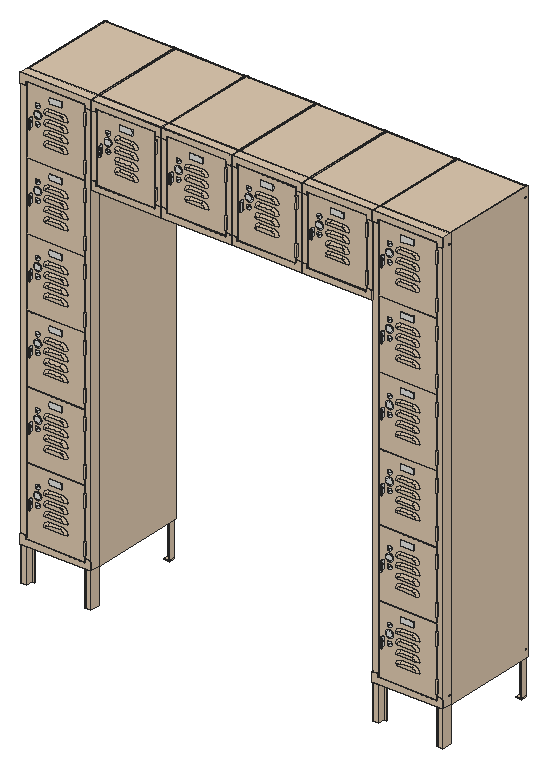
Revit family "Metal_Lockers-Salsbury_Industries-66000_Series-Bridge_Unit", category Specialty Equipment, Revit 2016 (continued)
Definition of nested family "Metal Locker Front Base"
  Parameters (values of type "77742 - for 12" W Lockers with Legs")
    Manufacturer = "Salsbury Industries"
    Description = "Front Base for 12\" Wide Lockers"
    Depth = 1.185"
    Height = 6.000"
    Assembly Code = ""
  Types (3): name | Width | Visible | Model | Description
    77742 - for 12" W Lockers with Legs | 10.040" | yes | "77742" | "Front Base for 12\" Wide Lockers"
    77745 - for 15" W Lockers with Legs | 13.040" | yes | "77745" | "Front Base for 15\" Wide Lockers"
    None | 10.040" | no | "77742" | "Front Base for 12\" Wide Lockers"
  Reference planes (in)
    plane 1 "Center (Front/Back)": y = -5.417
    plane 2: z = 0
    plane 3 "Center (Left/Right)": x = 0
    plane 4 "Floor": z = 0
    plane 5 "Top of Enclosure": z = 6
    plane 6 "Front of Enclosure": y = -6.005
    plane 7 "Right Side of Enclosure": x = 5.02
    plane 8 "Left Side of Enclosure": x = -5.02
    plane 9 "Back of Enclosure": y = -4.82
  Forms (in)
    Extrusion 1, solid, material <- "Primary Structure Material", visible <- "Visible"
      sketch origin (0, -6.005, 0) x (1, 0, 0) y (0, 0, 1)
        loop
          line (-5.02, 6) -> (-5.02, 0) -> (5.02, 0) -> (5.02, 6) -> (-5.02, 6)
      from -0.06 to 0
    Extrusion 2, solid, material <- "Primary Structure Material", visible <- "Visible"
      sketch origin (0, 0, 0) x (0, 1, 0) y (0, 0, 1)
        loop
          line (-5.945, 6) -> (-5.945, 5.94) -> (-4.82, 5.94) -> (-4.82, 6) -> (-5.945, 6)
      from -5.02 to 5.02
    Extrusion 3, solid, material <- "Primary Structure Material", visible <- "Visible"
      sketch origin (5.02, 0, 0) x (0, 0, -1) y (0, -1, 0)
        loop
          line (-5.75, 5.945) -> (-5.75, 4.82) -> (-0.25, 4.82) -> (-0.25, 5.945) -> (-5.75, 5.945)
      from 0 to 0.06
    Extrusion 4, solid, material <- "Primary Structure Material", visible <- "Visible"
      sketch origin (-5.02, 0, 0) x (0, 0, -1) y (0, -1, 0)
        loop
          line (-5.75, 5.945) -> (-5.75, 4.82) -> (-0.25, 4.82) -> (-0.25, 5.945) -> (-5.75, 5.945)
      from 0 to -0.06
  Dimensions and locks (in)
    "Height": plane 5 "Top of Enclosure" to plane 4 "Floor"
    plane 6 "Front of Enclosure" to plane 1 "Center (Front/Back)" = 0.588"
    "Depth": plane 6 "Front of Enclosure" to plane 9 "Back of Enclosure"
    equal spacing: plane 8 "Left Side of Enclosure", plane 3 "Center (Left/Right)", plane 7 "Right Side of Enclosure"
    "Width": plane 8 "Left Side of Enclosure" to plane 7 "Right Side of Enclosure"
    aligned and locked: level to plane 2
    aligned and locked: plane 8 "Left Side of Enclosure" to Extrusion 2
    aligned and locked: Extrusion 2 to plane 7 "Right Side of Enclosure"
    aligned and locked: Extrusion 1 to plane 7 "Right Side of Enclosure"
  Automatic sketch dimensions
    Extrusion 1 sketch curve to Extrusion 1 sketch curve = 10.040"
    Extrusion 1 sketch curve to Extrusion 1 sketch curve = 6.000"
    Extrusion 2 sketch curve to Extrusion 2 sketch curve = 1.125"
    Extrusion 2 sketch curve to Extrusion 2 sketch curve = 0.060"
    Extrusion 3 sketch curve to Extrusion 3 sketch curve = 5.500"
    Extrusion 3 sketch curve to Extrusion 3 sketch curve = 1.125"
    Extrusion 4 sketch curve to Extrusion 4 sketch curve = 5.500"
    Extrusion 4 sketch curve to Extrusion 4 sketch curve = 1.125"
    Extrusion 1 sketch curve to level = 0.000"
    plane 8 "Left Side of Enclosure" to Extrusion 1 sketch curve = 0.000"
    plane 5 "Top of Enclosure" to Extrusion 2 sketch curve = 0.000"
    Extrusion 2 sketch curve to plane 9 "Back of Enclosure" = 0.000"
    Extrusion 3 sketch curve to plane 9 "Back of Enclosure" = 0.000"
    plane 5 "Top of Enclosure" to Extrusion 3 sketch curve = 0.250"
    Extrusion 4 sketch curve to plane 9 "Back of Enclosure" = 0.000"
    plane 5 "Top of Enclosure" to Extrusion 4 sketch curve = 0.250"
Definition of nested family "Metal Locker Right Side Base"
  Parameters (values of type "77732 Right - for 12" D Lockers with Legs")
    Width including Rivet [instance] = 1.290"
    Visible = yes
    Primary Structure Material = none
    Depth = 10.422"
    Version = "1.0 (11/30/15)"
    Type Comments = "End Base for Standard Metal Lockers"
    Model = "77732"
    MasterFormat Title = ""
    MasterFormat Number = ""
    Manufacturer = "Salsbury Industries"
    Description = "1.25\"W x 6\" H x 10\"D"
    Width = 1.250"
    Height = 6.000"
    Assembly Code = ""
  Types (4): name | Visible | Depth | Model | Description
    77732 Right - for 12" D Lockers with Legs | yes | 10.422" | "77732" | "1.25\"W x 6\" H x 10\"D"
    77735 Right - for 15" D Lockers with Legs | yes | 13.422" | "77735" | "1.25\"W x 6\" H x 13\"D"
    77738 Right - for 18" D Lockers with Legs | yes | 16.422" | "77738" | "1.25\"W x 6\" H x 16\"D"
    None | no | 10.422" | "" | ""
  Reference planes (in)
    plane 1 "Center (Front/Back)": y = 0
    plane 2: z = 0
    plane 3 "Center (Left/Right)": x = 5.395
    plane 4 "Floor": z = 0
    plane 5 "Top of Enclosure": z = 6
    plane 6 "Left Side of Unit": x = 4.77
    plane 7 "Right Side of Unit": x = 6.02
    plane 8 "Left Edge of Enclosure": y = -5.211
    plane 9 "Right Edge of Enclosure": y = 5.211
    plane 10 "Left Edge of Insert": y = -6.27647
    plane 11 "Right Edge of Insert": y = -5.15147
    plane 12 "Rivet Edge": x = 6.06
  Forms (in)
    Extrusion 1, solid, material <- "Primary Structure Material", visible <- "Visible"
      sketch origin (6.02, 0, 0) x (0, 0, -1) y (0, -1, 0)
        loop
          line (-6, 5.211) -> (-6, -5.211) -> (0, -5.211) -> (0, 5.211) -> (-6, 5.211)
      from 0 to 0.06
    Extrusion 2, solid, material <- "Primary Structure Material", visible <- "Visible"
      sketch origin (0, 0, 6) x (0, -1, 0) y (1, 0, 0)
        loop
          line (5.15147, 5.96) -> (5.15147, 5.9) -> (6.27647, 5.9) -> (6.27647, 5.96) -> (5.15147, 5.96)
      from -6 to 0
    Extrusion 3, solid, material <- "Primary Structure Material", visible <- "Visible"
      sketch origin (6.02, 0, 0) x (0, 0, -1) y (0, -1, 0)
        loop
          line (-6, 4.90147) -> (-6, -3.961) -> (-5.94, -3.961) -> (-5.94, 4.90147) -> (-6, 4.90147)
      from 0.06 to 1.25
    Extrusion 4, solid, material <- "Primary Structure Material", visible <- "Visible"
      sketch origin (6.02, 0, -5.94) x (0, 0, -1) y (0, -1, 0)
        loop
          line (-6, 4.90147) -> (-6, -3.961) -> (-5.94, -3.961) -> (-5.94, 4.90147) -> (-6, 4.90147)
      from 0.06 to 1.25
  Dimensions and locks (in)
    "Height": plane 5 "Top of Enclosure" to plane 4 "Floor"
    plane 10 "Left Edge of Insert" to plane 8 "Left Edge of Enclosure" to plane 11 "Right Edge of Insert" = 1.06547" locked, 0.05953" locked
    equal spacing: plane 8 "Left Edge of Enclosure", plane 1 "Center (Front/Back)", plane 9 "Right Edge of Enclosure"
    "Depth": plane 8 "Left Edge of Enclosure" to plane 9 "Right Edge of Enclosure"
    equal spacing: plane 6 "Left Side of Unit", plane 3 "Center (Left/Right)", plane 7 "Right Side of Unit"
    "Width": plane 6 "Left Side of Unit" to plane 7 "Right Side of Unit"
    locked: plane 7 "Right Side of Unit" to plane 12 "Rivet Edge" at 0.04
    "Width including Rivet": plane 6 "Left Side of Unit" to plane 12 "Rivet Edge"
    aligned and locked: level to plane 2
    aligned and locked: plane 11 "Right Edge of Insert" to Extrusion 2
    aligned and locked: plane 10 "Left Edge of Insert" to Extrusion 2
    aligned and locked: Extrusion 3 to Extrusion 1
    aligned and locked: plane 6 "Left Side of Unit" to Extrusion 3
  Automatic sketch dimensions
    plane 5 "Top of Enclosure" to Extrusion 1 sketch curve = 0.000"
    Extrusion 1 sketch curve to level = 0.000"
    Extrusion 2 sketch curve to plane 8 "Left Edge of Enclosure" = 0.05953"
    plane 7 "Right Side of Unit" to Extrusion 2 sketch curve = 0.120"
    Extrusion 2 sketch curve to Extrusion 2 sketch curve = 0.060"
    Extrusion 1 sketch curve to plane 8 "Left Edge of Enclosure" = 0.000"
    Extrusion 1 sketch curve to plane 9 "Right Edge of Enclosure" = 0.000"
    plane 10 "Left Edge of Insert" to Extrusion 2 sketch curve = 0.000"
    plane 5 "Top of Enclosure" to Extrusion 3 sketch curve = 0.000"
    Extrusion 3 sketch curve to Extrusion 3 sketch curve = 0.060"
    plane 9 "Right Edge of Enclosure" to Extrusion 3 sketch curve = 1.250"
    Extrusion 3 sketch curve to plane 11 "Right Edge of Insert" = 0.250"
    Extrusion 4 sketch curve to level = 0.000"
    level to Extrusion 4 sketch curve = 0.060"
    plane 9 "Right Edge of Enclosure" to Extrusion 4 sketch curve = 1.250"
    Extrusion 4 sketch curve to plane 11 "Right Edge of Insert" = 0.250"
Definition of nested family "Metal Locker Left Side Base"
  Parameters (values of type "77732 Left - for 12" D Lockers with Legs")
    Width including Rivet [instance] = 1.290"
    Visible = yes
    Primary Structure Material = none
    Depth = 10.422"
    Version = "1.0 (11/30/15)"
    Type Comments = "End Base for Standard Metal Lockers"
    Model = "77732"
    MasterFormat Title = ""
    MasterFormat Number = ""
    Manufacturer = "Salsbury Industries"
    Description = "1.25\"W x 6\" H x 10\"D"
    Width = 1.250"
    Height = 6.000"
    Assembly Code = ""
  Types (4): name | Visible | Depth | Model | Description
    77732 Left - for 12" D Lockers with Legs | yes | 10.422" | "77732" | "1.25\"W x 6\" H x 10\"D"
    77735 Left - for 15" D Lockers with Legs | yes | 13.422" | "77735" | "1.25\"W x 6\" H x 13\"D"
    77738 Left - for 18" D Lockers with Legs | yes | 16.422" | "77738" | "1.25\"W x 6\" H x 16\"D"
    None | no | 10.422" | "" | ""
  Reference planes (in)
    plane 1 "Center (Front/Back)": y = 0
    plane 2: z = 0
    plane 3 "Center (Left/Right)": x = 5.395
    plane 4 "Floor": z = 0
    plane 5 "Top of Enclosure": z = 6
    plane 6 "Left Side of Unit": x = 4.77
    plane 7 "Right Side of Unit": x = 6.02
    plane 8 "Left Edge of Enclosure": y = -5.211
    plane 9 "Right Edge of Enclosure": y = 5.211
    plane 10 "Left Edge of Insert": y = -6.27647
    plane 11 "Right Edge of Insert": y = -5.15147
    plane 12 "Edge of Rivet": x = 4.73
  Forms (in)
    Extrusion 1, solid, material <- "Primary Structure Material", visible <- "Visible"
      sketch origin (6.02, 0, 0) x (0, 0, -1) y (0, -1, 0)
        loop
          line (-6, 4.90147) -> (-6, -3.961) -> (-5.94, -3.961) -> (-5.94, 4.90147) -> (-6, 4.90147)
      from 0 to 1.19
    Extrusion 2, solid, material <- "Primary Structure Material", visible <- "Visible"
      sketch origin (6.02, 0, -5.94) x (0, 0, -1) y (0, -1, 0)
        loop
          line (-6, 4.90147) -> (-6, -3.961) -> (-5.94, -3.961) -> (-5.94, 4.90147) -> (-6, 4.90147)
      from 0 to 1.19
    Extrusion 3, solid, material <- "Primary Structure Material", visible <- "Visible"
      sketch origin (4.77, 0, 0) x (0, 0, -1) y (0, 1, 0)
        loop
          line (-6, -5.211) -> (0, -5.211) -> (0, 5.211) -> (-6, 5.211) -> (-6, -5.211)
      from 0 to 0.06
    Extrusion 4, solid, material <- "Primary Structure Material", visible <- "Visible"
      sketch origin (10.79, 0, 6) x (0, -1, 0) y (1, 0, 0)
        loop
          line (5.15147, -5.96) -> (6.27647, -5.96) -> (6.27647, -5.9) -> (5.15147, -5.9) -> (5.15147, -5.96)
      from -6 to 0
  Dimensions and locks (in)
    "Height": plane 5 "Top of Enclosure" to plane 4 "Floor"
    plane 10 "Left Edge of Insert" to plane 8 "Left Edge of Enclosure" to plane 11 "Right Edge of Insert" = 1.06547" locked, 0.05953" locked
    equal spacing: plane 8 "Left Edge of Enclosure", plane 1 "Center (Front/Back)", plane 9 "Right Edge of Enclosure"
    "Depth": plane 8 "Left Edge of Enclosure" to plane 9 "Right Edge of Enclosure"
    equal spacing: plane 6 "Left Side of Unit", plane 3 "Center (Left/Right)", plane 7 "Right Side of Unit"
    "Width": plane 6 "Left Side of Unit" to plane 7 "Right Side of Unit"
    "Width including Rivet": plane 12 "Edge of Rivet" to plane 7 "Right Side of Unit"
    plane 12 "Edge of Rivet" to plane 6 "Left Side of Unit" = 0.040"
    aligned and locked: level to plane 2
    aligned and locked: Extrusion 1 to Extrusion 3
    aligned and locked: Extrusion 2 to Extrusion 3
  Automatic sketch dimensions
    plane 5 "Top of Enclosure" to Extrusion 1 sketch curve = 0.000"
    Extrusion 1 sketch curve to Extrusion 1 sketch curve = 0.060"
    plane 9 "Right Edge of Enclosure" to Extrusion 1 sketch curve = 1.250"
    Extrusion 1 sketch curve to plane 11 "Right Edge of Insert" = 0.250"
    Extrusion 2 sketch curve to level = 0.000"
    level to Extrusion 2 sketch curve = 0.060"
    plane 9 "Right Edge of Enclosure" to Extrusion 2 sketch curve = 1.250"
    Extrusion 2 sketch curve to plane 11 "Right Edge of Insert" = 0.250"
    plane 5 "Top of Enclosure" to Extrusion 3 sketch curve = 0.000"
    Extrusion 3 sketch curve to level = 0.000"
    Extrusion 3 sketch curve to plane 8 "Left Edge of Enclosure" = 0.000"
    Extrusion 3 sketch curve to plane 9 "Right Edge of Enclosure" = 0.000"
    plane 11 "Right Edge of Insert" to Extrusion 4 sketch curve = 0.000"
    plane 10 "Left Edge of Insert" to Extrusion 4 sketch curve = 0.000"
    plane 6 "Left Side of Unit" to Extrusion 4 sketch curve = 0.120"
    Extrusion 4 sketch curve to Extrusion 4 sketch curve = 0.060"
Definition of nested family "Metal Locker End Panel"
  Parameters (values of type "77362 - for 6' H x 12" D Lockers")
    Width = 0.925"
    Visible = yes
    Version = "1.0 (11/30/15)"
    Type Comments = "Finished End Panel for Standard Metal Lockers"
    Primary Structure Material = none
    Model = "77362"
    MasterFormat Title = ""
    MasterFormat Number = ""
    Manufacturer = "Salsbury Industries"
    Height = 72.000"
    Description = "End Panel for 6' H x 12\" Deep Lockers"
    Depth = 12.010"
    Assembly Code = ""
  Types (7): name | Visible | Model | Height | Description | Depth
    77362 - for 6' H x 12" D Lockers | yes | "77362" | 72.000" | "End Panel for 6' H x 12\" Deep Lockers" | 12.010"
    77365 - for 6' H x 15" D Lockers | yes | "77365" | 72.000" | "End Panel for 6' H x 15\" Deep Lockers" | 15.010"
    77368 - for 6' H X 18" D Lockers | yes | "77368" | 72.000" | "End Panel for 6' H x 18\" Deep Lockers" | 18.010"
    77352 - for 5' H x 12" D Lockers | yes | "77352" | 60.000" | "End Panel for 5' H x 12\" Deep Lockers" | 12.010"
    77355 - for 5' H x 15" D Lockers | yes | "77355" | 60.000" | "End Panel for 5' H x 15\" Deep Lockers" | 15.010"
    77358 - for 5' H x 18" D Lockers | yes | "77358" | 60.000" | "End Panel for 5' H x 18\" Deep Lockers" | 18.010"
    None | no | "n/a" | 72.000" | "" | 12.010"
  Reference planes (in)
    plane 1 "Center (Front/Back)": y = -2.167
    plane 2: z = 0
    plane 3 "Center (Left/Right)": x = -4.595
    plane 4 "Bottom of Panel": z = 0
    plane 5 "Top of Panel": z = 72
    plane 6 "Front of Panel": y = -8.172
    plane 7 "Right Side of Enclosure": x = -4.1325
    plane 8 "Left Side of Enclosure": x = -5.0575
    plane 9 "Back of Panel": y = 3.838
    plane 10: z = 36
    plane 11: z = 70.283
    plane 12: z = 1.717
    plane 13 "Outside Edge of Front Flap": y = -8.23214
    plane 14 "Outside Edge of Back Flap": y = 3.898
  Forms (in)
    Extrusion 1, solid, material <- "Primary Structure Material", visible <- "Visible"
      sketch origin (-4.1325, 0.48244, 0) x (0, 0, -1) y (0, -1, 0)
        loop
          line (-72, 8.71458) -> (-72, -3.41556) -> (0, -3.41556) -> (0, 8.71458) -> (-72, 8.71458)
      from 0 to -0.06
    Extrusion 2, solid, material <- "Primary Structure Material", visible <- "Visible"
      sketch origin (0, 3.838, 0) x (0, 0, -1) y (1, 0, 0)
        loop
          line (-72, -5.0575) -> (0, -5.0575) -> (0, -4.1325) -> (-72, -4.1325) -> (-72, -5.0575)
      from 0 to -0.06
    Extrusion 3, solid, material <- "Primary Structure Material", visible <- "Visible"
      sketch origin (0, -8.172, 0) x (1, 0, 0) y (0, 0, 1)
        loop
          line (-5.0575, 70.283) -> (-5.0575, 1.717) -> (-4.1325, 1.717) -> (-4.1325, 70.283) -> (-5.0575, 70.283)
      from 0.06014 to 0
  Dimensions and locks (in)
    equal spacing: plane 6 "Front of Panel", plane 1 "Center (Front/Back)", plane 9 "Back of Panel"
    "Depth": plane 6 "Front of Panel" to plane 9 "Back of Panel"
    equal spacing: plane 8 "Left Side of Enclosure", plane 3 "Center (Left/Right)", plane 7 "Right Side of Enclosure"
    "Width": plane 8 "Left Side of Enclosure" to plane 7 "Right Side of Enclosure"
    equal spacing: plane 5 "Top of Panel", plane 10, plane 2
    "Height": plane 5 "Top of Panel" to plane 2
    locked: plane 5 "Top of Panel" to plane 11 at 1.717
    locked: plane 13 "Outside Edge of Front Flap" to plane 6 "Front of Panel" at 0.06014
    locked: plane 9 "Back of Panel" to plane 14 "Outside Edge of Back Flap" at 0.06
    aligned and locked: level to plane 2
    aligned and locked: plane 5 "Top of Panel" to Extrusion 1 sketch curve
    aligned and locked: plane 5 "Top of Panel" to Extrusion 2 sketch curve
    aligned and locked: Extrusion 2 to plane 9 "Back of Panel"
    aligned and locked: plane 11 to Extrusion 3 sketch curve
    aligned and locked: plane 6 "Front of Panel" to Extrusion 3
    aligned and locked: plane 14 "Outside Edge of Back Flap" to Extrusion 2
    aligned and locked: Extrusion 1 to plane 14 "Outside Edge of Back Flap"
    aligned and locked: plane 13 "Outside Edge of Front Flap" to Extrusion 3
    aligned and locked: Extrusion 2 to plane 7 "Right Side of Enclosure"
    aligned and locked: Extrusion 3 to plane 7 "Right Side of Enclosure"
  Automatic sketch dimensions
    Extrusion 1 sketch curve to level = 0.000"
    Extrusion 2 sketch curve to level = 0.000"
    plane 8 "Left Side of Enclosure" to Extrusion 2 sketch curve = 0.000"
    plane 7 "Right Side of Enclosure" to Extrusion 2 sketch curve = 0.000"
    plane 8 "Left Side of Enclosure" to Extrusion 3 sketch curve = 0.000"
    Extrusion 3 sketch curve to plane 12 = 0.000"
    plane 7 "Right Side of Enclosure" to Extrusion 3 sketch curve = 0.000"
    Extrusion 1 sketch curve to plane 14 "Outside Edge of Back Flap" = 0.000"
    plane 6 "Front of Panel" to Extrusion 1 sketch curve = 0.06014"
Definition of nested family "Metal Locker Front Filler"
  Parameters (values of type "77869 - for 6' H Lockers (Zee Base or No Legs)")
    Width = 9.000"
    Visible = yes
    Version = "1.0 (11/30/15)"
    Type Comments = "Vertical Front Filler for Standard Metal Lockers"
    Primary Structure Material = none
    Model = "77865"
    MasterFormat Title = ""
    MasterFormat Number = ""
    Manufacturer = "Salsbury Industries"
    Height = 72.000"
    Description = "9\" W Vertical Front Filler for 6' H Lockers"
    Depth = 1.500"
    Assembly Code = ""
  Types (9): name | Width | Visible | Model | Height | Description | Depth
    77865 - for 6' H Lockers with Legs | 15.000" | yes | "77865" | 78.000" | "15\" W Vertical Front Filler for 6' H Lockers" | 1.000"
    77869 - for 6' H Lockers with Legs | 9.000" | yes | "77865" | 78.000" | "9\" W Vertical Front Filler for 6' H Lockers" | 1.000"
    77855 - for 5' H Lockers with Legs | 15.000" | yes | "77855" | 66.000" | "15\" W Vertical Front Filler for 5' H Lockers" | 1.000"
    77859 - for 5' H Lockers with Legs | 9.000" | yes | "77859" | 66.000" | "9\" W Vertical Front Filler for 5' H Lockers" | 1.000"
    None | 15.000" | no | "n/a" | 78.000" | "" | 1.500"
    77865 - for 6' H Lockers (Zee Base or No Legs) | 15.000" | yes | "77865" | 72.000" | "15\" W Vertical Front Filler for 6' H Lockers" | 1.000"
    77869 - for 6' H Lockers (Zee Base or No Legs) | 9.000" | yes | "77865" | 72.000" | "9\" W Vertical Front Filler for 6' H Lockers" | 1.500"
    77859 - for 5' H Lockers (Zee Base or No Legs) | 9.000" | yes | "77859" | 60.000" | "9\" W Vertical Front Filler for 5' H Lockers" | 1.000"
    77855 - for 5' H Lockers (Zee Base or No Legs) | 15.000" | yes | "77855" | 60.000" | "15\" W Vertical Front Filler for 5' H Lockers" | 1.000"
  Reference planes (in)
    plane 1 "Center (Front/Back)": y = -2.167
    plane 2: z = 0
    plane 3 "Center (Left/Right)": x = -4.595
    plane 4 "Bottom of Filler": z = 0
    plane 5 "Top of Panel": z = 72
    plane 6 "Front of Filler": y = -2.917
    plane 7 "Right Side of Filler": x = -0.095
    plane 8 "Left Side of Filler": x = -9.095
    plane 9 "Back of Filler": y = -1.417
    plane 10: z = 36
  Forms (in)
    Extrusion 1, solid, material <- "Primary Structure Material", visible <- "Visible"
      sketch origin (0, 0, 0) x (0, -1, 0) y (1, 0, 0)
        loop
          line (1.417, -9.095) -> (2.917, -9.095) -> (2.917, -1.095) -> (2.869, -1.095) -> (2.869, -9.047) -> (1.417, -9.047) -> (1.417, -9.095)
      from 0 to 72
    Extrusion 2, solid, material <- "Primary Structure Material", visible <- "Visible"
      sketch origin (0, -0.20425, 0) x (0, -1, 0) y (1, 0, 0)
        loop
          line (1.30875, -0.095) -> (1.30875, -0.143) -> (2.76075, -0.143) -> (2.76075, -1.595) -> (2.80875, -1.595) -> (2.80875, -0.095) -> (1.30875, -0.095)
      from 0 to 72
    Extrusion 3, solid, material <- "Primary Structure Material", visible <- "Visible"
      sketch origin (0, 0.10825, 0) x (0, -1, 0) y (1, 0, 0)
        loop
          line (3.07325, -1.595) -> (3.07325, -0.82524) -> (3.02525, -0.82524) -> (3.02525, -1.376) -> (3.02525, -1.449) -> (3.02525, -1.522) -> (3.02525, -1.595) -> (3.07325, -1.595)
      from 0 to 72
    Extrusion 4, solid, material <- "Primary Structure Material", visible <- "Visible"
      sketch origin (0, 0, 0) x (0, -1, 0) y (1, 0, 0)
        loop
          line (2.917, -0.82524) -> (2.821, -0.82524) -> (2.821, -1.80024) -> (2.869, -1.80024) -> (2.869, -0.87324) -> (2.917, -0.87324) -> (2.917, -0.82524)
      from 0 to 72
  Dimensions and locks (in)
    equal spacing: plane 6 "Front of Filler", plane 1 "Center (Front/Back)", plane 9 "Back of Filler"
    "Depth": plane 6 "Front of Filler" to plane 9 "Back of Filler"
    equal spacing: plane 8 "Left Side of Filler", plane 3 "Center (Left/Right)", plane 7 "Right Side of Filler"
    "Width": plane 8 "Left Side of Filler" to plane 7 "Right Side of Filler"
    equal spacing: plane 5 "Top of Panel", plane 10, plane 2
    "Height": plane 5 "Top of Panel" to plane 2
    aligned and locked: level to plane 2
    aligned and locked: Extrusion 1 to plane 5 "Top of Panel"
    aligned and locked: Extrusion 2 to plane 5 "Top of Panel"
    aligned and locked: Extrusion 3 to plane 5 "Top of Panel"
    aligned and locked: Extrusion 4 to plane 5 "Top of Panel"
  Automatic sketch dimensions
    plane 9 "Back of Filler" to Extrusion 1 sketch curve = 0.000"
    plane 6 "Front of Filler" to Extrusion 1 sketch curve = 0.000"
    Extrusion 1 sketch curve to plane 8 "Left Side of Filler" = 0.000"
    Extrusion 1 sketch curve to plane 6 "Front of Filler" = 0.048"
    Extrusion 1 sketch curve to Extrusion 1 sketch curve = 0.048"
    plane 7 "Right Side of Filler" to Extrusion 1 sketch curve = 1.000"
    Extrusion 2 sketch curve to plane 7 "Right Side of Filler" = 0.000"
    plane 7 "Right Side of Filler" to Extrusion 2 sketch curve = 0.048"
    plane 9 "Back of Filler" to Extrusion 2 sketch curve = 0.096"
    plane 6 "Front of Filler" to Extrusion 2 sketch curve = 0.048"
    Extrusion 2 sketch curve to Extrusion 2 sketch curve = 0.048"
    Extrusion 2 sketch curve to Extrusion 2 sketch curve = 1.452"
    plane 6 "Front of Filler" to Extrusion 3 sketch curve = 0.000"
    plane 7 "Right Side of Filler" to Extrusion 3 sketch curve = 1.500"
    Extrusion 3 sketch curve to Extrusion 3 sketch curve = 0.073"  (x3)
    Extrusion 3 sketch curve to Extrusion 3 sketch curve = 0.55076"
    Extrusion 3 sketch curve to Extrusion 3 sketch curve = 0.048"
    plane 6 "Front of Filler" to Extrusion 4 sketch curve = 0.000"
    Extrusion 4 sketch curve to plane 6 "Front of Filler" = 0.048"
    Extrusion 4 sketch curve to Extrusion 4 sketch curve = 0.048"  (x2)
    plane 7 "Right Side of Filler" to Extrusion 4 sketch curve = 1.70524"
    plane 7 "Right Side of Filler" to Extrusion 4 sketch curve = 0.77824"
Definition of nested family "Metal Locker Flat Top Filler"
  Parameters (values of type "77842 - for 12" Deep Lockers (15" W)")
    Width = 16.250"
    Visible = yes
    Version = "1.0 (11/30/15)"
    Type Comments = "Flat Top Filler for Standard Metal Lockers"
    Primary Structure Material = none
    Model = "77842"
    MasterFormat Title = ""
    MasterFormat Number = ""
    Manufacturer = "Salsbury Industries"
    Height = 1.003"
    Description = "15\"W Flat Top In-Line Filler"
    Depth = 12.118"
    Assembly Code = ""
  Types (7): name | Width | Visible | Model | Depth
    77842 - for 12" Deep Lockers (15" W) | 16.250" | yes | "77842" | 12.118"
    77842 - for 12" Deep Lockers (9" W) | 10.250" | yes | "77842" | 12.118"
    77845 - for 15" Deep Lockers (15" W) | 16.250" | yes | "77845" | 15.118"
    77845 - for 15" Deep Lockers (9" W) | 10.250" | yes | "77845" | 15.118"
    77848 - for 18" Deep Lockers (15" W) | 16.250" | yes | "77848" | 18.118"
    77848 - for 18" Deep Lockers (9" W) | 10.250" | yes | "77848" | 18.118"
    None | 16.250" | no | "" | 12.118"
  Reference planes (in)
    plane 1 "Center (Front/Back)": y = -2.167
    plane 2: z = 0
    plane 3 "Center (Left/Right)": x = -4.595
    plane 4 "Bottom of Panel": z = 0
    plane 5 "Top of Panel": z = 1.003
    plane 6 "Front of Panel": y = -8.226
    plane 7 "Right Side of Enclosure": x = 3.53
    plane 8 "Left Side of Enclosure": x = -12.72
    plane 9 "Back of Panel": y = 3.892
    plane 10: z = 0.5015
  Forms (in)
    Extrusion 1, solid, material <- "Primary Structure Material", visible <- "Visible"
      sketch origin (-4.595, 0, 0) x (0, 1, 0) y (0, 0, 1)
        loop
          line (-8.226, 0) -> (-8.178, 0) -> (-8.178, 0.955) -> (3.892, 0.955) -> (3.892, 1.003) -> (-8.226, 1.003) -> (-8.226, 0)
      from -8.125 to 8.125
  Dimensions and locks (in)
    equal spacing: plane 6 "Front of Panel", plane 1 "Center (Front/Back)", plane 9 "Back of Panel"
    "Depth": plane 6 "Front of Panel" to plane 9 "Back of Panel"
    equal spacing: plane 8 "Left Side of Enclosure", plane 3 "Center (Left/Right)", plane 7 "Right Side of Enclosure"
    "Width": plane 8 "Left Side of Enclosure" to plane 7 "Right Side of Enclosure"
    equal spacing: plane 5 "Top of Panel", plane 10, plane 2
    "Height": plane 5 "Top of Panel" to plane 2
    aligned and locked: level to plane 2
    aligned and locked: Extrusion 1 to plane 7 "Right Side of Enclosure"
    aligned and locked: plane 8 "Left Side of Enclosure" to Extrusion 1
    aligned and locked: plane 6 "Front of Panel" to Extrusion 1
    aligned and locked: Extrusion 1 to plane 9 "Back of Panel"
  Automatic sketch dimensions
    plane 5 "Top of Panel" to Extrusion 1 sketch curve = 0.000"
    Extrusion 1 sketch curve to plane 6 "Front of Panel" = 0.000"
    Extrusion 1 sketch curve to level = 0.000"
    Extrusion 1 sketch curve to plane 9 "Back of Panel" = 0.000"
    Extrusion 1 sketch curve to plane 6 "Front of Panel" = 0.048"
    plane 5 "Top of Panel" to Extrusion 1 sketch curve = 0.048"
Definition of nested family "Metal Locker Flat Corner Filler"
  Parameters (values of type "77832 - for 12" Deep Lockers")
    Width = 12.625"
    Visible = yes
    Version = "1.0 (11/30/15)"
    Type Comments = "Flat Top Corner Filler for Standard Metal Lockers"
    Primary Structure Material = none
    Model = "77832"
    MasterFormat Title = ""
    MasterFormat Number = ""
    Manufacturer = "Salsbury Industries"
    Height = 0.048"
    Description = "12\"W Flat Top Corner Filler"
    Depth = 12.625"
    Assembly Code = ""
  Types (4): name | Width | Visible | Model | Description | Depth
    77832 - for 12" Deep Lockers | 12.625" | yes | "77832" | "12\"W Flat Top Corner Filler" | 12.625"
    77835 - for 15" Deep Lockers | 15.625" | yes | "77835" | "15\"W Flat Top Corner Filler" | 15.625"
    77838 - for 18" Deep Lockers | 18.625" | yes | "77838" | "18\"W Flat Top Corner Filler" | 18.625"
    None | 12.625" | no | "" | "" | 12.625"
  Reference planes (in)
    plane 1 "Center (Front/Back)": y = -2.167
    plane 2: z = 0
    plane 3 "Center (Left/Right)": x = -4.595
    plane 4 "Bottom of Panel": z = 0
    plane 5 "Top of Panel": z = 0.048
    plane 6 "Front of Panel": y = -8.4795
    plane 7 "Right Side of Enclosure": x = 1.7175
    plane 8 "Left Side of Enclosure": x = -10.9075
    plane 9 "Back of Panel": y = 4.1455
    plane 10: z = 0.024
  Forms (in)
    Extrusion 1, solid, material <- "Primary Structure Material", visible <- "Visible"
      sketch origin (0, 0, 0) x (0, -1, 0) y (1, 0, 0)
        loop
          line (7.8545, -10.9075) -> (7.8545, -10.2825) -> (8.4795, -10.2825) -> (8.4795, 1.7175) -> (-4.1455, 1.7175) -> (-4.1455, -10.9075) -> (7.8545, -10.9075)
      from 0 to 0.048
  Dimensions and locks (in)
    equal spacing: plane 6 "Front of Panel", plane 1 "Center (Front/Back)", plane 9 "Back of Panel"
    "Depth": plane 6 "Front of Panel" to plane 9 "Back of Panel"
    equal spacing: plane 8 "Left Side of Enclosure", plane 3 "Center (Left/Right)", plane 7 "Right Side of Enclosure"
    "Width": plane 8 "Left Side of Enclosure" to plane 7 "Right Side of Enclosure"
    equal spacing: plane 5 "Top of Panel", plane 10, plane 2
    "Height": plane 5 "Top of Panel" to plane 2
    aligned and locked: level to plane 2
    aligned and locked: Extrusion 1 to plane 9 "Back of Panel"
    aligned and locked: plane 6 "Front of Panel" to Extrusion 1
    aligned and locked: Extrusion 1 to plane 7 "Right Side of Enclosure"
    aligned and locked: plane 8 "Left Side of Enclosure" to Extrusion 1
  Automatic sketch dimensions
    Extrusion 1 sketch curve to plane 8 "Left Side of Enclosure" = 0.000"
    plane 9 "Back of Panel" to Extrusion 1 sketch curve = 0.000"
    plane 6 "Front of Panel" to Extrusion 1 sketch curve = 0.000"
    Extrusion 1 sketch curve to plane 7 "Right Side of Enclosure" = 0.000"
    Extrusion 1 sketch curve to plane 8 "Left Side of Enclosure" = 0.625"
    Extrusion 1 sketch curve to plane 6 "Front of Panel" = 0.625"
Definition of nested family "Metal Locker Sloping Top Filler"
  Parameters (values of type "77882 - for 12" Deep Lockers (15" W)")
    Width = 16.250"
    Visible = yes
    Version = "1.0 (11/30/15)"
    Type Comments = "Sloping Hood In-Line Filler for Standard Metal Lockers"
    Slope Angle = 28.761°
    Primary Structure Material = none
    Model = "77882"
    MasterFormat Title = ""
    MasterFormat Number = ""
    Manufacturer = "Salsbury Industries"
    Height = 1.003"
    Description = "15\"W Sloping Hood In-Line Filler"
    Depth = 12.118"
    Assembly Code = ""
  Types (7): name | Width | Visible | Type Comments | Slope Angle | Model | Description | Depth
    77882 - for 12" Deep Lockers (15" W) | 16.250" | yes | "Sloping Hood In-Line Filler for Standard Metal Lockers" | 28.761° | "77882" | "15\"W Sloping Hood In-Line Filler" | 12.118"
    77882 - for 12" Deep Lockers (9" W) | 10.250" | yes | "Sloping Hood In-Line Filler for Standard Metal Lockers" | 28.761° | "77882" | "15\"W Sloping Hood In-Line Filler" | 12.118"
    77885 - for 15" Deep Lockers (15" W) | 16.250" | yes | "Sloping Hood In-Line Filler for Standard Metal Lockers" | 29.946° | "77885" | "15\"W Sloping Hood In-Line Filler" | 15.118"
    77885 - for 15" Deep Lockers (9" W) | 10.250" | yes | "Sloping Hood In-Line Filler for Standard Metal Lockers" | 29.946° | "77885" | "15\"W Sloping Hood In-Line Filler" | 15.118"
    77888 - for 18" Deep Lockers (15" W) | 16.250" | yes | "Sloping Hood In-Line Filler for Standard Metal Lockers" | 30.723° | "77888" | "15\"W Sloping Hood In-Line Filler" | 18.118"
    77888 - for 18" Deep Lockers (9" W) | 10.250" | yes | "Sloping Hood In-Line Filler for Standard Metal Lockers" | 30.723° | "77888" | "15\"W Sloping Hood In-Line Filler" | 18.118"
    None | 16.250" | no | "Sloping Hood for Standard Metal Lockers" | 28.761° | "" | "" | 12.118"
  Reference planes (in)
    plane 1 "Center (Front/Back)": y = -2.167
    plane 2: z = 0
    plane 3 "Center (Left/Right)": x = -4.595
    plane 4 "Bottom of Panel": z = 0
    plane 5 "Top of Panel": z = 1.003
    plane 6 "Front of Panel": y = -8.226
    plane 7 "Right Side of Enclosure": x = 3.53
    plane 8 "Left Side of Enclosure": x = -12.72
    plane 9 "Back of Panel": y = 3.892
    plane 10: z = 0.5015
    plane 11: through (0, -7.6072, 0.33964) normal (0, -0.4812, 0.8766)
    plane 12: through (0, -7.72698, 0.21914) normal (0, -0.4812, 0.8766)
  Forms (in)
    Extrusion 1, solid, material <- "Primary Structure Material", visible <- "Visible"
      sketch origin (-4.595, 0, 0) x (0, 1, 0) y (0, 0, 1)
        loop
          line (3.892, 6.65119) -> (-8.226, 0) -> (-8.226, -1.028) -> (-8.178, -1.028) -> (-8.178, -0.02841) -> (3.892, 6.59643) -> (3.892, 6.65119)
      from -8.125 to 8.125
  Dimensions and locks (in)
    equal spacing: plane 6 "Front of Panel", plane 1 "Center (Front/Back)", plane 9 "Back of Panel"
    "Depth": plane 6 "Front of Panel" to plane 9 "Back of Panel"
    equal spacing: plane 8 "Left Side of Enclosure", plane 3 "Center (Left/Right)", plane 7 "Right Side of Enclosure"
    "Width": plane 8 "Left Side of Enclosure" to plane 7 "Right Side of Enclosure"
    equal spacing: plane 5 "Top of Panel", plane 10, plane 2
    "Height": plane 5 "Top of Panel" to plane 2
    locked: plane 11 to plane 12 at 0.048
    "Slope Angle": angle plane 4 "Bottom of Panel" to plane 11
    aligned and locked: level to plane 2
    aligned and locked: plane 11 to Extrusion 1 sketch curve
    aligned and locked: plane 12 to Extrusion 1 sketch curve
    aligned and locked: Extrusion 1 to plane 7 "Right Side of Enclosure"
    aligned and locked: plane 8 "Left Side of Enclosure" to Extrusion 1
  Automatic sketch dimensions
    Extrusion 1 sketch curve to plane 6 "Front of Panel" = 0.000"
    Extrusion 1 sketch curve to Extrusion 1 sketch curve = 0.99959"
    Extrusion 1 sketch curve to level = 0.02841"
    Extrusion 1 sketch curve to plane 9 "Back of Panel" = 0.000"
Definition of nested family "Metal Locker Sloping Corner Filler"
  Parameters (values of type "77872 - for 12" Deep Lockers")
    Width = 12.695"
    Visible = yes
    Version = "1.0 (11/30/15)"
    Type Comments = "Sloping Hood Corner Filler for Standard Metal Lockers"
    Slope Angle 2 = 28.761°
    Slope Angle 1 = 28.761°
    Primary Structure Material = none
    Model = "77872"
    MasterFormat Title = ""
    MasterFormat Number = ""
    Manufacturer = "Salsbury Industries"
    Height = 6.87897"
    Description = "12\"D Sloping Hood Corner Filler"
    Depth = 12.695"
    Assembly Code = ""
  Types (4): name | Width | Visible | Slope Angle 2 | Slope Angle 1 | Model | Description | Depth
    77872 - for 12" Deep Lockers | 12.695" | yes | 28.761° | 28.761° | "77872" | "12\"D Sloping Hood Corner Filler" | 12.695"
    77875 - for 15" Deep Lockers | 15.695" | yes | 29.946° | 29.946° | "77875" | "15\"D Sloping Hood Corner Filler" | 15.695"
    77878 - for 18" Deep Lockers | 18.695" | yes | 30.723° | 30.723° | "77878" | "18\"D Sloping Hood Corner Filler" | 18.695"
    None | 12.695" | no | 28.723° | 28.723° | "" | "" | 12.695"
  Reference planes (in)
    plane 1 "Center (Front/Back)": y = -2.167
    plane 2: z = 0
    plane 3 "Center (Left/Right)": x = -4.595
    plane 4 "Bottom of Panel": z = 0
    plane 5 "Top of Panel": z = 6.87897
    plane 6 "Front of Panel": y = -8.5145
    plane 7 "Right Side of Enclosure": x = 1.7525
    plane 8 "Left Side of Enclosure": x = -10.9425
    plane 9 "Back of Panel": y = 4.1805
    plane 10 "Center Top/Bottom": z = 3.43948
    plane 11 "Slope 1": through (0, -7.42276, 0.59922) normal (0, -0.4812, 0.8766)
    plane 12: through (0, -7.54254, 0.47872) normal (0, -0.4812, 0.8766)
    plane 13 "Diagonal Plane": through (-10.86131, 4.09969, 48) normal (0.7071, 0.7071, 0)
    plane 14 "Cutout Plane 1": y = -7.8895
    plane 15 "Cutout Plane 2": x = 1.1275
    plane 16 "Slope 2": through (1.43902, -180, 0.17206) normal (-0.4812, 0, -0.8766)
    plane 17: through (5.04554, -180, -1.86199) normal (-0.4812, 0, -0.8766)
  Forms (in)
    Extrusion 1, solid, material <- "Primary Structure Material", visible <- "Visible"
      sketch origin (-4.595, 0, 0) x (0, 1, 0) y (0, 0, 1)
        loop
          line (-7.8895, 0.28829) -> (4.1805, 6.91313) -> (4.1805, 6.96789) -> (-7.8895, 0.34304) -> (-7.8895, 0.28829)
      from -6.3475 to 6.3475
    Extrusion 2, void
      sketch origin (0, 0, 3.43948) x (1, 0, 0) y (0, 1, 0)
        loop
          line (1.75288, -8.5145) -> (-10.9425, 4.18088) -> (-10.9425, -8.5145) -> (1.75288, -8.5145)
      from -3.43948 to 8.2673
    Extrusion 3, solid, material <- "Primary Structure Material", visible <- "Visible"
      sketch origin (0, -2.167, 0) x (1, 0, 0) y (0, 0, 1)
        loop
          line (1.1275, 0.2885) -> (1.1275, 0.34304) -> (-10.9425, 6.96789) -> (-10.9425, 6.91334) -> (1.1275, 0.2885)
      from -6.3475 to 6.3475
    Extrusion 4, void
      sketch origin (-4.595, 0, 0) x (0, 1, 0) y (0, 0, 1)
        loop
          line (4.1805, 0) -> (4.1805, 6.91313) -> (-8.41474, 0) -> (4.1805, 0)
      from -6.3475 to 6.3475
    Extrusion 5, solid, not visible
      sketch origin (1.1275, 0, 0) x (0, -1, 0) y (0, 0, 1)
        loop
          line (8.60982, 0.2885) -> (7.8895, 0.2885) -> (7.8895, 0) -> (8.60982, 0) -> (8.60982, 0.2885)
      from -0.72026 to 0
  Cuts and joins
    Extrusion 2, Extrusion 4 cuts Extrusion 1
    Extrusion 4 cuts Extrusion 3
  Dimensions and locks (in)
    equal spacing: plane 6 "Front of Panel", plane 1 "Center (Front/Back)", plane 9 "Back of Panel"
    "Depth": plane 6 "Front of Panel" to plane 9 "Back of Panel"
    equal spacing: plane 8 "Left Side of Enclosure", plane 3 "Center (Left/Right)", plane 7 "Right Side of Enclosure"
    "Width": plane 8 "Left Side of Enclosure" to plane 7 "Right Side of Enclosure"
    equal spacing: plane 5 "Top of Panel", plane 10 "Center Top/Bottom", plane 2
    "Height": plane 5 "Top of Panel" to plane 2
    locked: plane 11 "Slope 1" to plane 12 at 0.048
    locked: plane 15 "Cutout Plane 2" to plane 7 "Right Side of Enclosure" at 0.625
    locked: plane 6 "Front of Panel" to plane 14 "Cutout Plane 1" at 0.625
    locked: plane 17 to plane 16 "Slope 2" at 0.04782
    "Slope Angle 1": angle plane 4 "Bottom of Panel" to plane 11 "Slope 1"
    "Slope Angle 2": angle plane 16 "Slope 2" to plane 4 "Bottom of Panel"
    aligned and locked: level to plane 2
    aligned and locked: Extrusion 1 sketch curve to plane 14 "Cutout Plane 1"
    aligned and locked: plane 9 "Back of Panel" to Extrusion 1 sketch curve
    aligned and locked: Extrusion 1 sketch curve to plane 11 "Slope 1"
    aligned and locked: plane 12 to Extrusion 1 sketch curve
    aligned and locked: plane 8 "Left Side of Enclosure" to Extrusion 1
    aligned and locked: Extrusion 1 to plane 7 "Right Side of Enclosure"
    aligned and locked: plane 6 "Front of Panel" to Extrusion 2 sketch curve
    aligned and locked: plane 8 "Left Side of Enclosure" to Extrusion 2 sketch curve
    aligned and locked: plane 13 "Diagonal Plane" to Extrusion 2 sketch curve
    aligned and locked: plane 4 "Bottom of Panel" to cut or joined group of Extrusion 1, Extrusion 2, Extrusion 4
    aligned and locked: Extrusion 4 sketch curve to level
    aligned and locked: Extrusion 4 sketch curve to plane 9 "Back of Panel"
    aligned and locked: plane 12 to Extrusion 4 sketch curve
    aligned and locked: Extrusion 4 to plane 7 "Right Side of Enclosure"
    aligned and locked: plane 8 "Left Side of Enclosure" to Extrusion 4
    aligned and locked: cut or joined group of Extrusion 3, Extrusion 4 to plane 15 "Cutout Plane 2"
    aligned and locked: plane 6 "Front of Panel" to cut or joined group of Extrusion 3, Extrusion 4
    aligned and locked: cut or joined group of Extrusion 3, Extrusion 4 to plane 9 "Back of Panel"
    aligned and locked: Extrusion 3 sketch curve to plane 15 "Cutout Plane 2"
    aligned and locked: Extrusion 3 sketch curve to plane 16 "Slope 2"
    aligned and locked: plane 8 "Left Side of Enclosure" to Extrusion 3 sketch curve
    aligned and locked: plane 17 to Extrusion 3 sketch curve
  Automatic sketch dimensions
    Extrusion 5 sketch curve to plane 14 "Cutout Plane 1" = 0.000"
    Extrusion 5 sketch curve to level = 0.000"
    plane 6 "Front of Panel" to Extrusion 5 sketch curve = 0.09532"
    Extrusion 5 sketch curve to Extrusion 5 sketch curve = 0.2885"
Definition of nested family "Metal Locker Sloping Hood"
  Parameters (values of type "77752 - for 12" Deep Lockers (1 Wide)")
    Width = 12.040"
    Visible = yes
    Version = "1.0 (11/30/15)"
    Type Comments = "Sloping Hood for Standard Metal Lockers"
    Slope Angle = 28.761°
    Primary Structure Material = none
    Model = "77752"
    MasterFormat Title = ""
    MasterFormat Number = ""
    Manufacturer = "Salsbury Industries"
    Height = 6.625"
    Dividing Lines = no
    Description = "12\" Deep for up to (3) 12\" Wide Lockers"
    Depth = 12.070"
    Assembly Code = ""
  Types (12): name | Width | Visible | Slope Angle | Model | Height | Dividing Lines | Description | Depth
    77752 - for 12" Deep Lockers (1 Wide) | 12.040" | yes | 28.761° | "77752" | 6.625" | no | "12\" Deep for up to (3) 12\" Wide Lockers" | 12.070"
    77752 - for 12" Deep Lockers (3 Wide) | 36.040" | yes | 28.761° | "77752" | 6.625" | yes | "12\" Deep for up to (3) 12\" Wide Lockers" | 12.070"
    77755 - for 15" Deep Lockers (1 Wide) | 12.040" | yes | 29.946° | "77755" | 8.682" | no | "15\" Deep for up to (3) 12\" Wide Lockers" | 15.070"
    77755 - for 15" Deep Lockers (3 Wide) | 36.040" | yes | 29.946° | "77755" | 8.628" | yes | "15\" Deep for up to (3) 12\" Wide Lockers" | 15.070"
    77758 - for 18" Deep Lockers (1 Wide) | 12.040" | yes | 30.723° | "77758" | 10.739" | no | "18\" Deep for up to (3) 12\" Wide Lockers" | 18.070"
    77758 - for 18" Deep Lockers (3 Wide) | 36.040" | yes | 30.723° | "77758" | 10.739" | yes | "18\" Deep for up to (3) 12\" Wide Lockers" | 18.070"
    None | 12.000" | no | 28.761° | "" | 6.625" | no | "" | 12.070"
    77765 - for 15" Deep Lockers (1 Wide) | 15.040" | yes | 29.946° | "77752" | 6.625" | no | "12\" Deep for up to (3) 12\" Wide Lockers" | 15.070"
    77768 - for 18" Deep Lockers (1 Wide) | 15.040" | yes | 30.723° | "77752" | 6.625" | no | "12\" Deep for up to (3) 12\" Wide Lockers" | 18.070"
    77765 - for 15" Deep Lockers (3 Wide) | 45.040" | yes | 29.946° | "77752" | 6.625" | yes | "12\" Deep for up to (3) 12\" Wide Lockers" | 15.070"
    77768 - for 18" Deep Lockers (3 Wide) | 45.040" | yes | 30.723° | "77752" | 6.625" | yes | "12\" Deep for up to (3) 12\" Wide Lockers" | 18.070"
    77759 - for 18" Deep Bridge Lockers | 72.040" | yes | 30.723° | "77752" | 6.625" | no | "12\" Deep for up to (3) 12\" Wide Lockers" | 18.070"
  Reference planes (in)
    plane 1 "Center (Front/Back)": y = -2.167
    plane 2: z = 0
    plane 3 "Center (Left/Right)": x = -4.595
    plane 4 "Bottom of Panel": z = 0
    plane 5 "Top of Panel": z = 6.625
    plane 6 "Front of Panel": y = -8.202
    plane 7 "Right Side of Enclosure": x = 1.425
    plane 8 "Left Side of Enclosure": x = -10.615
    plane 9 "Back of Panel": y = 3.868
    plane 10: z = 3.3125
    plane 11: through (0, -7.81601, 0.21186) normal (0, -0.4812, 0.8766)
    plane 12: through (0, -7.94397, 0.10626) normal (0, -0.4812, 0.8766)
    plane 13: y = 3.837
    plane 14: y = 3.806
    plane 15: y = 3.775
    plane 16: y = 3.37433
    plane 17 "Divider 1": x = -6.60167
    plane 18 "Divider 2": x = -2.58833
  Forms (in)
    Extrusion 1, solid, material <- "Primary Structure Material", visible <- "Visible"
      sketch origin (1.425, 0, 0) x (0, 0, -1) y (0, -1, 0)
        loop
          line (-6.62484, -3.868) -> (0, -3.868) -> (0, 8.202) -> (-6.62484, -3.868)
      from 0 to 0.031
    Extrusion 2, solid, material <- "Primary Structure Material", visible <- "Visible"
      sketch origin (1.425, 0, 0) x (0, 0, -1) y (0, -1, 0)
        loop
          line (0, -3.868) -> (0, -3.837) -> (-6.60783, -3.837) -> (-6.62484, -3.868) -> (0, -3.868)
      from 0.03098 to 0.40598
    Extrusion 3, solid, material <- "Primary Structure Material", visible <- "Visible"
      sketch origin (1.425, 0, 0) x (0, 0, -1) y (0, -1, 0)
        loop
          line (0, -3.837) -> (0, 8.13757) -> (-0.031, 8.08109) -> (-0.031, -3.837) -> (0, -3.837)
      from 0.031 to 0.80198
    Extrusion 4, solid, material <- "Primary Structure Material", visible <- "Visible"
      sketch origin (-10.615, 0, 0) x (0, 0, -1) y (0, -1, 0)
        loop
          line (-6.62484, -3.868) -> (0, -3.868) -> (0, 8.202) -> (-6.62484, -3.868)
      from 0 to -0.031
    Extrusion 5, solid, material <- "Primary Structure Material", visible <- "Visible"
      sketch origin (-10.615, 0, 0) x (0, 0, -1) y (0, -1, 0)
        loop
          line (0, -3.868) -> (0, -3.837) -> (-6.60783, -3.837) -> (-6.62484, -3.868) -> (0, -3.868)
      from -0.031 to -0.406
    Extrusion 6, solid, material <- "Primary Structure Material", visible <- "Visible"
      sketch origin (-10.615, 0, 0) x (0, 0, -1) y (0, -1, 0)
        loop
          line (0, -3.837) -> (0, 8.13757) -> (-0.031, 8.08109) -> (-0.031, -3.837) -> (0, -3.837)
      from -0.031 to -0.802
    Extrusion 7, solid, material <- "Primary Structure Material", visible <- "Visible"
      sketch origin (-4.595, 0, 0) x (0, 1, 0) y (0, 0, 1)
        loop
          line (3.837, 6.60783) -> (-8.202, 0) -> (-7.84238, 0) -> (-7.84238, 0.031) -> (-8.08109, 0.031) -> (3.806, 6.55545) -> (3.806, 6.21809) -> (3.837, 6.21809) -> (3.837, 6.60783)
      from -5.989 to 5.989
    Extrusion 8, solid, material <- "Primary Structure Material", visible <- "Visible"
      sketch origin (-4.595, -0.031, 0) x (0, 1, 0) y (0, 0, 1)
        loop
          line (3.837, 0.031) -> (3.837, 6.55545) -> (3.806, 6.53844) -> (3.806, 0.031) -> (3.837, 0.031)
      from -5.989 to 5.989
    Extrusion 9, solid, material <- "Primary Structure Material", visible <- "Visible"
      sketch origin (0, -0.031, 0) x (0, -1, 0) y (1, 0, 0)
        loop
          line (-3.806, -9.75653) -> (-3.40533, -9.75653) -> (-3.40533, 0.56919) -> (-3.806, 0.56919) -> (-3.806, -9.75653)
      from 0.031 to 0.06464
  Lines and regions (in)
    model lines, visible <- "Dividing Lines"
      curve 1: line (-6.60167, -8.21456, -0.0069) -> (-6.60167, 3.868, 6.62484)
      curve 2: line (-2.58833, -8.21456, -0.0069) -> (-2.58833, 3.868, 6.62484)
  Dimensions and locks (in)
    equal spacing: plane 6 "Front of Panel", plane 1 "Center (Front/Back)", plane 9 "Back of Panel"
    "Depth": plane 6 "Front of Panel" to plane 9 "Back of Panel"
    equal spacing: plane 8 "Left Side of Enclosure", plane 17 "Divider 1", plane 18 "Divider 2", plane 7 "Right Side of Enclosure"
    "Width": plane 8 "Left Side of Enclosure" to plane 7 "Right Side of Enclosure"
    equal spacing: plane 5 "Top of Panel", plane 10, plane 2
    "Height": plane 5 "Top of Panel" to plane 2
    locked: plane 11 to plane 12 at 0.031
    plane 16 to plane 15 to plane 14 to plane 13 to plane 9 "Back of Panel" = 0.40067", 0.031", 0.031", 0.031"
    equal spacing: plane 8 "Left Side of Enclosure", plane 3 "Center (Left/Right)", plane 7 "Right Side of Enclosure"
    "Slope Angle": angle plane 4 "Bottom of Panel" to plane 11
    aligned and locked: level to plane 2
    aligned and locked: Extrusion 1 to plane 9 "Back of Panel"
    aligned and locked: plane 4 "Bottom of Panel" to Extrusion 1
    aligned and locked: Extrusion 7 to Extrusion 1
    aligned and locked: Extrusion 7 to Extrusion 4
    aligned and locked: Extrusion 7 to Extrusion 8  (x2)
    aligned and locked: plane 11 to Extrusion 7 sketch curve
    aligned and locked: plane 12 to Extrusion 7 sketch curve
    aligned and locked: plane 12 to Extrusion 8 sketch curve
    aligned and locked: Extrusion 4 sketch curve to plane 11
    aligned and locked: Extrusion 1 sketch curve to plane 11
    aligned and locked: Extrusion 3 sketch curve to plane 12
    aligned and locked: Extrusion 6 sketch curve to plane 12
    aligned and locked: plane 13 to Extrusion 7
    aligned and locked: plane 14 to Extrusion 8
    aligned and locked: plane 15 to Extrusion 8
    aligned and locked: plane 16 to Extrusion 9
    aligned and locked: plane 13 to Extrusion 7 sketch curve
    aligned and locked: Extrusion 7 sketch curve to plane 14
    aligned and locked: plane 13 to Extrusion 2 sketch curve
    aligned and locked: plane 11 to Extrusion 2 sketch curve
    aligned and locked: plane 13 to Extrusion 5 sketch curve
    aligned and locked: plane 11 to Extrusion 5 sketch curve
    aligned and locked: curve 2 to plane 18 "Divider 2"
    aligned and locked: curve 1 to plane 17 "Divider 1"
  Automatic sketch dimensions
    Extrusion 7 sketch curve to level = 0.000"
    level to Extrusion 7 sketch curve = 0.031"
    Extrusion 7 sketch curve to Extrusion 7 sketch curve = 0.23871"
    Extrusion 7 sketch curve to Extrusion 7 sketch curve = 0.33736"
    Extrusion 1 sketch curve to plane 9 "Back of Panel" = 0.000"
    Extrusion 1 sketch curve to level = 0.000"
    Extrusion 2 sketch curve to plane 9 "Back of Panel" = 0.000"
    Extrusion 2 sketch curve to level = 0.000"
    Extrusion 3 sketch curve to plane 13 = 0.000"
    Extrusion 3 sketch curve to level = 0.000"
    level to Extrusion 3 sketch curve = 0.031"
    Extrusion 4 sketch curve to plane 9 "Back of Panel" = 0.000"
    Extrusion 4 sketch curve to level = 0.000"
    Extrusion 5 sketch curve to plane 9 "Back of Panel" = 0.000"
    Extrusion 5 sketch curve to level = 0.000"
    Extrusion 6 sketch curve to plane 13 = 0.000"
    Extrusion 6 sketch curve to level = 0.000"
    Extrusion 6 sketch curve to Extrusion 6 sketch curve = 0.031"
    Extrusion 8 sketch curve to plane 15 = 0.000"
    Extrusion 8 sketch curve to plane 14 = 0.000"
    level to Extrusion 8 sketch curve = 0.031"
    plane 15 to Extrusion 9 sketch curve = 0.000"
    plane 16 to Extrusion 9 sketch curve = 0.000"
    Extrusion 9 sketch curve to plane 8 "Left Side of Enclosure" = 0.85847"
    plane 7 "Right Side of Enclosure" to Extrusion 9 sketch curve = 0.85581"
    curve 1 to plane 9 "Back of Panel" = 0.000"
    plane 11 to curve 1 = 0.000"
    curve 1 to plane 11 = 0.000"
    curve 1 to level = 0.0069"
    curve 2 to plane 9 "Back of Panel" = 0.000"
    plane 11 to curve 2 = 0.000"
    curve 2 to plane 11 = 0.000"
    curve 2 to level = 0.0069"
Definition of nested family "Metal Locker Zee Base"
  Parameters (values of type "77578 - 12"W x 18" D (Bridge)")
    Width = 12.007"
    Visible = yes
    Version = "1.0 (11/30/15)"
    Type Comments = "Zee Base Kit for Standard Metal Lockers - No Legs"
    Primary Structure Material = none
    Model = "77578"
    MasterFormat Title = ""
    MasterFormat Number = ""
    Manufacturer = "Salsbury Industries"
    Description = "4\" H x 6' L - for 12\" Deep Lockers (Includes 6 Foot Front Base, 2 End Bases, Corner Splicer and 4 Rear Legs)"
    Depth = 18.010"
    Height = 4.000"
    Assembly Code = ""
  Types (7): name | Width | Visible | Model | Depth
    77572- 12" W x 12" D | 12.040" | yes | "77572" | 12.010"
    77575 - 12" W x 15" D | 12.040" | yes | "77575" | 15.010"
    77578 - 12"W x 18"D | 12.040" | yes | "77578" | 18.010"
    77575 - 15"W x 15"D | 15.040" | yes | "77575" | 15.010"
    77578 - 15"W x 18"D | 15.040" | yes | "77578" | 18.010"
    None | 12.040" | no | "77572" | 12.010"
    77578 - 12"W x 18" D (Bridge) | 12.007" | yes | "77578" | 18.010"
  Reference planes (in)
    plane 1 "Center (Front/Back)": y = 0
    plane 2: z = 0
    plane 3 "Center (Left/Right)": x = 0
    plane 4 "Floor": z = 0
    plane 5 "Bottom of Unit": z = 4
    plane 6 "Left Side of Unit": x = -6.0035
    plane 7 "Right Side of Unit": x = 6.0035
    plane 8 "Back of Unit": y = 9.005
    plane 9 "Front of Unit": y = -9.005
    plane 10 "Right Side of Door Opening": x = 5.0035
    plane 11 "Left Side of Door Opening": x = -5.0035
    plane 12 "Top of back legs": z = 4.185
    plane 13 "Back Edge of Front Facing": y = -7.417
    plane 14 "Inside Edge of Front Leg": x = -4.5635
    plane 15 "Inside Edge of Right Leg": x = 4.5635
    plane 16: y = -7.82
    plane 17 "Back Edge of Rear Legs": y = 8.895
    plane 18 "Right Edge of Rear Right Leg": x = 5.8835
    plane 19 "Left Edge or Rear Left Leg": x = -5.8835
    plane 20: y = 7.895
    plane 21 "Inside Edge or Rear Right Leg": x = 4.8835
    plane 22 "Inside Edge or Left Rear Leg": x = -4.8835
  Forms (in)
    Extrusion 1, solid, material <- "Primary Structure Material", visible <- "Visible"
      sketch origin (0, 0, 0) x (0, -1, 0) y (1, 0, 0)
        loop
          line (-8.895, 5.8835) -> (-8.895, 4.8835) -> (-8.835, 4.8835) -> (-8.835, 5.8235) -> (-7.895, 5.8235) -> (-7.895, 5.8835) -> (-8.895, 5.8835)
      from 0.06 to 4.185
    Extrusion 2, solid, material <- "Primary Structure Material", visible <- "Visible"
      sketch origin (0, 0, 0) x (0, -1, 0) y (1, 0, 0)
        loop
          line (-8.895, 5.8835) -> (-8.895, 4.8835) -> (-7.895, 4.8835) -> (-7.895, 5.8835) -> (-8.895, 5.8835)
      from 0 to 0.06
    Extrusion 3, solid, material <- "Primary Structure Material", visible <- "Visible"
      sketch origin (0, 0, 0) x (0, -1, 0) y (1, 0, 0)
        loop
          line (-8.895, -5.8835) -> (-7.895, -5.8835) -> (-7.895, -5.8235) -> (-8.835, -5.8235) -> (-8.835, -4.8835) -> (-8.895, -4.8835) -> (-8.895, -5.8835)
      from 0.06 to 4.185
    Extrusion 4, solid, material <- "Primary Structure Material", visible <- "Visible"
      sketch origin (0, 0, 0) x (0, -1, 0) y (1, 0, 0)
        loop
          line (-8.895, -5.8835) -> (-7.895, -5.8835) -> (-7.895, -4.8835) -> (-8.895, -4.8835) -> (-8.895, -5.8835)
      from 0 to 0.06
    Extrusion 5, solid, material <- "Primary Structure Material", visible <- "Visible"
      sketch origin (0, 0, 0) x (0, 1, 0) y (0, 0, 1)
        loop
          line (-9.005, 4) -> (-9.005, 3.94) -> (-7.417, 3.94) -> (-7.417, 0) -> (-5.769, 0) -> (-5.769, 0.06) -> (-7.357, 0.06) -> (-7.357, 4) -> (-9.005, 4)
      from -6.0035 to 6.0035
  Dimensions and locks (in)
    equal spacing: plane 6 "Left Side of Unit", plane 3 "Center (Left/Right)", plane 7 "Right Side of Unit"
    "Width": plane 6 "Left Side of Unit" to plane 7 "Right Side of Unit"
    "Height": plane 5 "Bottom of Unit" to plane 4 "Floor"
    equal spacing: plane 9 "Front of Unit", plane 1 "Center (Front/Back)", plane 8 "Back of Unit"
    "Depth": plane 9 "Front of Unit" to plane 8 "Back of Unit"
    plane 12 "Top of back legs" to plane 5 "Bottom of Unit" = 0.185"
    plane 6 "Left Side of Unit" to plane 11 "Left Side of Door Opening" = 1.000"
    plane 10 "Right Side of Door Opening" to plane 7 "Right Side of Unit" = 1.000"
    locked: plane 9 "Front of Unit" to plane 13 "Back Edge of Front Facing" at 1.588
    plane 11 "Left Side of Door Opening" to plane 14 "Inside Edge of Front Leg" = 0.440"
    plane 15 "Inside Edge of Right Leg" to plane 10 "Right Side of Door Opening" = 0.440"
    plane 9 "Front of Unit" to plane 16 = 1.185"
    plane 15 "Inside Edge of Right Leg" to plane 21 "Inside Edge or Rear Right Leg" to plane 10 "Right Side of Door Opening" to plane 18 "Right Edge of Rear Right Leg" to plane 7 "Right Side of Unit" = 0.320", 0.120", 0.880", 0.120"
    plane 6 "Left Side of Unit" to plane 19 "Left Edge or Rear Left Leg" to plane 11 "Left Side of Door Opening" to plane 22 "Inside Edge or Left Rear Leg" to plane 14 "Inside Edge of Front Leg" = 0.120", 0.880", 0.120", 0.320"
    plane 20 to plane 17 "Back Edge of Rear Legs" to plane 8 "Back of Unit" = 1.000", 0.110"
    aligned and locked: level to plane 2
    aligned and locked: Extrusion 1 to Extrusion 2
    aligned and locked: Extrusion 4 to Extrusion 3
    aligned and locked: Extrusion 1 to plane 18 "Right Edge of Rear Right Leg"
    aligned and locked: Extrusion 1 to plane 17 "Back Edge of Rear Legs"
    aligned and locked: Extrusion 3 to plane 19 "Left Edge or Rear Left Leg"
    aligned and locked: Extrusion 3 to plane 17 "Back Edge of Rear Legs"
    aligned and locked: Extrusion 1 to plane 12 "Top of back legs"
    aligned and locked: Extrusion 3 to plane 12 "Top of back legs"
    aligned and locked: Extrusion 5 to plane 7 "Right Side of Unit"
    aligned and locked: plane 6 "Left Side of Unit" to Extrusion 5
  Automatic sketch dimensions
    plane 17 "Back Edge of Rear Legs" to Extrusion 1 sketch curve = 0.000"
    Extrusion 1 sketch curve to plane 21 "Inside Edge or Rear Right Leg" = 0.000"
    Extrusion 1 sketch curve to plane 18 "Right Edge of Rear Right Leg" = 0.000"
    plane 20 to Extrusion 1 sketch curve = 0.000"
    plane 17 "Back Edge of Rear Legs" to Extrusion 1 sketch curve = 0.060"
    plane 18 "Right Edge of Rear Right Leg" to Extrusion 1 sketch curve = 0.060"
    plane 17 "Back Edge of Rear Legs" to Extrusion 2 sketch curve = 0.000"
    Extrusion 2 sketch curve to plane 18 "Right Edge of Rear Right Leg" = 0.000"
    plane 20 to Extrusion 2 sketch curve = 0.000"
    Extrusion 2 sketch curve to plane 21 "Inside Edge or Rear Right Leg" = 0.000"
    plane 17 "Back Edge of Rear Legs" to Extrusion 3 sketch curve = 0.000"
    Extrusion 3 sketch curve to plane 22 "Inside Edge or Left Rear Leg" = 0.000"
    Extrusion 3 sketch curve to plane 19 "Left Edge or Rear Left Leg" = 0.000"
    plane 20 to Extrusion 3 sketch curve = 0.000"
    Extrusion 3 sketch curve to plane 17 "Back Edge of Rear Legs" = 0.060"
    Extrusion 3 sketch curve to plane 19 "Left Edge or Rear Left Leg" = 0.060"
    plane 17 "Back Edge of Rear Legs" to Extrusion 4 sketch curve = 0.000"
    Extrusion 4 sketch curve to plane 19 "Left Edge or Rear Left Leg" = 0.000"
    plane 20 to Extrusion 4 sketch curve = 0.000"
    Extrusion 4 sketch curve to plane 22 "Inside Edge or Left Rear Leg" = 0.000"
    Extrusion 5 sketch curve to plane 9 "Front of Unit" = 0.000"
    Extrusion 5 sketch curve to level = 0.000"
    Extrusion 5 sketch curve to plane 13 "Back Edge of Front Facing" = 0.000"
    plane 5 "Bottom of Unit" to Extrusion 5 sketch curve = 0.000"
    Extrusion 5 sketch curve to plane 13 "Back Edge of Front Facing" = 0.060"
    Extrusion 5 sketch curve to Extrusion 5 sketch curve = 1.588"
    level to Extrusion 5 sketch curve = 0.060"
    plane 5 "Bottom of Unit" to Extrusion 5 sketch curve = 0.060"
Definition of nested family "Metal Locker Zee Base-Right Side"
  Parameters (values of type "77578 Right - 18" D")
    Width including Rivet [instance] = 1.290"
    Visible = yes
    Primary Structure Material = none
    Depth = 16.362"
    Version = "1.0 (11/30/15)"
    Type Comments = "Zee Base Kit for Standard Metal Lockers - No Legs"
    Model = "77578"
    MasterFormat Title = ""
    MasterFormat Number = ""
    Manufacturer = "Salsbury Industries"
    Description = "4\" H x 6' L - for 12\" Deep Lockers (Includes 6 Foot Front Base, 2 End Bases, Corner Splicer and 4 Rear Legs)"
